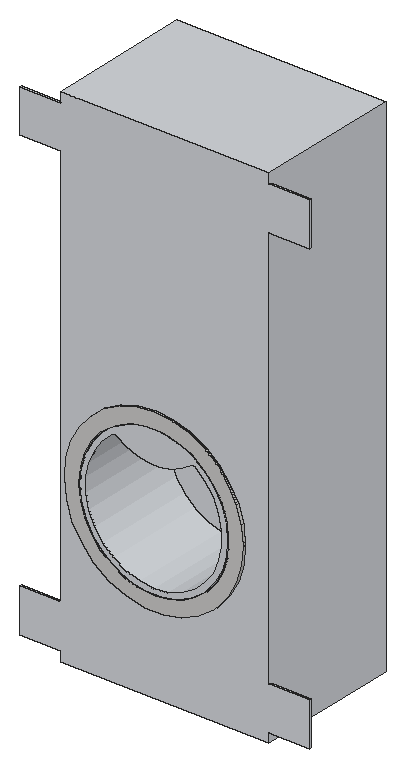
Revit family "RS10", category Generic Models, Revit 2021
Family settings
  Can host rebar = No
  Round Connector Dimension = Use Diameter
  Part Type = Normal
  Work Plane-Based = No
  Always vertical = Yes
  Cut with Voids When Loaded = No
  Shared = No
  Room Calculation Point = No
Parameters (values of type "Standard")
  e-mail = "info@vola.com"
  URL = "http://vola.com"
  Telephone = "+45 7023 5500"
  Quality management standard = "ISO 9001"
  Organisation no. / DUNS no. = "17531328"
  Occupational health and safety management standard = "ISO 18001"
  Mounting Instructions = "http://vola.com/service/producturl.ashx?name=RS10"
  Model = "RS10"
  Materials and components information = "http://vola.com/service/producturl.ashx?name=RS10"
  Manufacturer = "VOLA A/S"
  Maintenance Instructions = "http://vola.com/service/producturl.ashx?name=RS10"
  Guarantee = "2 years"
  Environmental management standard = "ISO 14000"
  Dispenser offset (Default) [instance] = 12.0000 mm
  Default Elevation = 0.0000 mm
  Connection - All relevant connections = ""
  Approvals = "http://vola.com/service/producturl.ashx?name=RS10"
Reference planes
  plane 1 "Center (Front/Back)": y = 0
  plane 2: z = 0
  plane 3 "Center (Left/Right)": x = 0
  plane 4 "Dispenser": y = 12
Forms (mm)
  Extrusion 1, solid, material "Stainless Steel"
    sketch origin (0, 0, 0) x (1, 0, 0) y (0, 0, 1)
      loop
        circle (0, 0) r 92.48
      loop
        circle (0, 0) r 77.48
    from 0 to 2
  Extrusion 2, solid
    sketch origin (0, 0, 0) x (1, 0, 0) y (0, 0, 1)
      loop
        circle (0, 0) r 76.5
      loop
        arc (-41.618, 57.227) -> (0, -70.76) -> (41.618, 57.227) r 70.76
        arc (41.618, 57.227) -> (40.098, 57.705) -> (38.598, 57.167) r 2.5
        arc (38.598, 57.167) -> (0, 43.762) -> (-38.598, 57.167) r 62.269
        arc (-38.598, 57.167) -> (-40.098, 57.705) -> (-41.618, 57.227) r 2.5
    from -103 to 2
  Extrusion 3, solid
    sketch origin (0, 0, 0) x (1, 0, 0) y (0, 0, 1)
      loop
        circle (0, 0) r 76.5
      loop
        circle (0, 0) r 77.48
    from 0 to 1
  Extrusion 4, solid
    sketch origin (0, 103, 0) x (-1, 0, 0) y (0, 0, 1)
      loop
        arc (38.598, 57.167) -> (0, 43.762) -> (-38.598, 57.167) r 62.269
        arc (-38.598, 57.167) -> (-40.098, 57.705) -> (-41.618, 57.227) r 2.5
        arc (-41.618, 57.227) -> (0, -70.76) -> (41.618, 57.227) r 70.76
        arc (41.618, 57.227) -> (40.098, 57.705) -> (38.598, 57.167) r 2.5
    from 0 to -2
  Extrusion 5, solid
    sketch origin (-8.73, 0, 0) x (1, 0, 0) y (0, 1, 0)
      loop
        line (-98.77, 12) -> (116.23, 12) -> (116.23, 162) -> (-98.77, 162) -> (-98.77, 12)
    from -182.25 to 344.73
  Extrusion 6, void
    sketch origin (0, 103, 0) x (1, 0, 0) y (0, 0, 1)
      loop
        circle (0, 0) r 77.48
    from 0 to 140.25
  Extrusion 7, solid
    sketch origin (0, 12, 0) x (-1, 0, 0) y (0, 0, 1)
      loop
        line (-107.5, -172.27) -> (-107.5, -127.27) -> (-149.23, -127.27) -> (-149.23, -172.27) -> (-107.5, -172.27)
    from 0 to 2
  Extrusion 8, solid
    sketch origin (0, 12, 0) x (1, 0, 0) y (0, 0, -1)
      loop
        line (-107.5, 172.27) -> (-149.23, 172.27) -> (-149.23, 127.27) -> (-107.5, 127.27) -> (-107.5, 172.27)
    from 0 to 2
  Extrusion 9, solid
    sketch origin (0, 12, 162.48) x (-1, 0, 0) y (0, 0, 1)
      loop
        line (-107.5, 172.27) -> (-149.23, 172.27) -> (-149.23, 127.27) -> (-107.5, 127.27) -> (-107.5, 172.27)
    from 0 to 2
  Extrusion 10, solid
    sketch origin (0, 12, 162.48) x (1, 0, 0) y (0, 0, -1)
      loop
        line (-107.5, -172.27) -> (-107.5, -127.27) -> (-149.23, -127.27) -> (-149.23, -172.27) -> (-107.5, -172.27)
    from 0 to 2
Cuts and joins
  Extrusion 6 cuts Extrusion 4
  joined: Extrusion 2, Extrusion 4
  Extrusion 6 cuts Extrusion 5
  joined: Extrusion 5, Extrusion 7, Extrusion 8, Extrusion 9, Extrusion 10
Dimensions and locks
  "Dispenser offset (Default)": plane 4 "Dispenser" to plane 1 "Center (Front/Back)"
  aligned and locked: plane 2 to level
Automatic sketch dimensions
  Extrusion 1 sketch curve to Extrusion 1 sketch curve = 0.0000 mm  (x2)
  Extrusion 1 sketch curve to level = 0.0000 mm
  Extrusion 1 sketch curve to plane 3 "Center (Left/Right)" = 0.0000 mm
  Extrusion 2 sketch curve to Extrusion 2 sketch curve = 0.0000 mm  (x5)
  Extrusion 2 sketch curve to level = 0.0000 mm
  Extrusion 2 sketch curve to plane 3 "Center (Left/Right)" = 0.0000 mm  (x2)
  Extrusion 2 sketch curve to plane 3 "Center (Left/Right)" = 38.5976 mm
  Extrusion 2 sketch curve to Extrusion 2 sketch curve = 1.5496 mm  (x2)
  Extrusion 2 sketch curve to Extrusion 2 sketch curve = 1.4704 mm
  plane 3 "Center (Left/Right)" to Extrusion 2 sketch curve = 38.5976 mm
  level to Extrusion 2 sketch curve = 55.2053 mm
  Extrusion 3 sketch curve to Extrusion 3 sketch curve = 0.0000 mm  (x12)
  Extrusion 3 sketch curve to level = 0.0000 mm
  Extrusion 3 sketch curve to plane 3 "Center (Left/Right)" = 0.0000 mm
  Extrusion 3 sketch curve to Extrusion 3 sketch curve = 76.5000 mm
  Extrusion 3 sketch curve to Extrusion 3 sketch curve = 0.9800 mm
  Extrusion 5 sketch curve to plane 4 "Dispenser" = 0.0000 mm
  Extrusion 5 sketch curve to plane 3 "Center (Left/Right)" = 107.5000 mm
  plane 3 "Center (Left/Right)" to Extrusion 5 sketch curve = 107.5000 mm
  plane 4 "Dispenser" to Extrusion 5 sketch curve = 150.0000 mm
  plane 3 "Center (Left/Right)" to Extrusion 7 sketch curve = 149.2300 mm
  Extrusion 7 sketch curve to Extrusion 7 sketch curve = 41.7300 mm
  Extrusion 7 sketch curve to level = 172.2700 mm
  Extrusion 7 sketch curve to Extrusion 7 sketch curve = 45.0000 mm
  plane 3 "Center (Left/Right)" to Extrusion 8 sketch curve = 149.2300 mm
  Extrusion 8 sketch curve to Extrusion 8 sketch curve = 41.7300 mm
  level to Extrusion 8 sketch curve = 172.2700 mm
  Extrusion 8 sketch curve to Extrusion 8 sketch curve = 45.0000 mm
  Extrusion 9 sketch curve to plane 3 "Center (Left/Right)" = 149.2300 mm
  Extrusion 9 sketch curve to Extrusion 9 sketch curve = 41.7300 mm
  Extrusion 9 sketch curve to level = 334.7500 mm
  Extrusion 9 sketch curve to Extrusion 9 sketch curve = 45.0000 mm
  Extrusion 10 sketch curve to plane 3 "Center (Left/Right)" = 149.2300 mm
  Extrusion 10 sketch curve to Extrusion 10 sketch curve = 41.7300 mm
  level to Extrusion 10 sketch curve = 334.7500 mm
  Extrusion 10 sketch curve to Extrusion 10 sketch curve = 45.0000 mm
  radius of Extrusion 1 sketch curve = 92.4800 mm
  radius of Extrusion 1 sketch curve = 77.4800 mm
  radius of Extrusion 2 sketch curve = 76.5000 mm
  radius of Extrusion 4 sketch curve to Extrusion 2 = 0.0000 mm  (x4)
  radius of Extrusion 2 to Extrusion 6 sketch curve = 0.9800 mm
